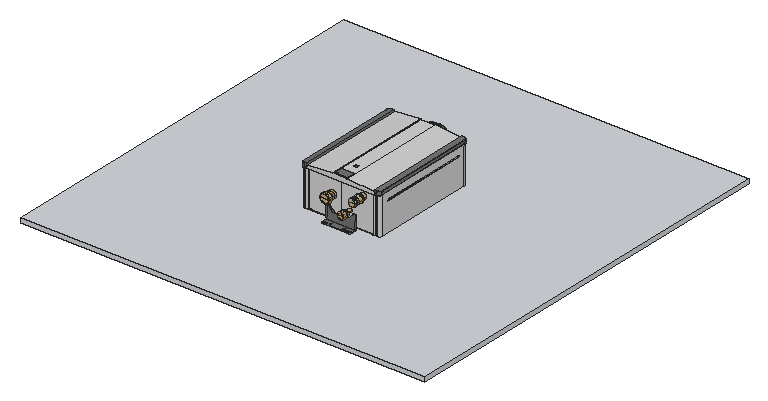
Revit family "Water_Heater-Rinnai-Ultra-Condensing-Tankless-RUCS65i", category Mechanical Equipment, host Face, Revit 2012
Parameters (values of type "Standard")
  Width = 18 1/2"  # constant formula
  Wattage = 89 W
  Warranty URL = ""
  Warranty = "Residential:Limited 12-year on heat exchanger, 5-year on parts, 1-year on labor"  # constant formula
  Voltage = 120 V
  Venting = "Direct Vent system 3-4\" configurations"
  Unit = Metal - Rinnai - Aluminum Frame - Painted White
  URL = "https://rinnai.us/"
  Temperature Settings = "120° - 140° F"  # constant formula
  Subcategory = "Tankless Water Heaters"  # constant formula
  Spec Sheet URL = "https://www.rinnai.us/documentation/downloads/RUCS65i_%28KCM2025FFU-US%29_SP.pdf"
  Product Page URL = "https://rinnai.us/water-heater/product/rucs65i-reu-kcm2025ffu-us"
  Noise Level Range = "47dB"  # constant formula
  Natural Gas = yes
  Model = "REU-KCM2025FFU-US"  # constant formula
  Max Amperage = 2.3 A
  Manufacturer Phone - Toll Free = "800-621-9419"  # constant formula
  Manufacturer Phone = "800-621-9419"  # constant formula
  Manufacturer Fax = "678-829-1666"  # constant formula
  Manufacturer Email = "mailto:engineering@rinnai.us"
  Manufacturer Address = "103 International Drive, Peachtree City, GA 30269"  # constant formula
  Manufacturer = "Rinnai America Corporation"  # constant formula
  Liquid Propane = yes
  Interference = Glass - Rinnai - Clear - Amber
  Installation URL = "https://www.rinnai.us/documentation/downloads/100000384.pdf"
  Installation Location = "Indoor only"  # constant formula
  Ignition System = "Direct electronic ignition"  # constant formula
  Hot Water Connection = "Hot Water Connector"  # constant formula
  Height = 26"  # constant formula
  Panel = Metal - Rinnai - Aluminum Frame - Painted White
  Gas Supply Pressure Min = "4\" (NG); 8\" (Propane)"
  Gas Supply Pressure Max = "10.5\" (NG); 13.5\" (Propane)"
  Gas Manifold Pressure Low Fire = "1.00\" (NG); 1.08\" (Propane)"
  Gas Manifold Pressure High Fire = "2.27\" (NG); 2.58\" (Propane)"
  Gas Input Rate = 130.0 Btu/h
  Gas Input Range = "10,300 - 130,000 BTU/h"  # constant formula
  Gas Connection = "Gas Connector"  # constant formula
  Frequency = 60 Hz
  Electrical Consumption Range = "Normal: 89 w, Standby: 1.3 w"  # constant formula
  Dry Weight = 57.30 lbf
  Description = "Tankless Water Heater"  # constant formula
  Depth = 10"  # constant formula
  Default Elevation = 48"
  Combustion Air = "Indoor"  # constant formula
  Combustibles = yes
  Cold Water Connection = "Cold Water Connector"  # constant formula
  Clearance for Top = 6"  # constant formula
  Clearance for Sides = 1/2"  # constant formula
  Clearance for Ground or Bottom = 12"  # constant formula
  Clearance for Front = 6"  # constant formula
  Cap = Metal - Rinnai - Aluminum - Polished Sliver
  Assembly Code = ""
  Applicable Altitude Range = "0 - 5400 ft (0 - 1646 m)"  # constant formula
  95 CSI = ""
  04 CSI = ""
Reference planes (in)
  plane 1 "Center (Front/Back)": y = 0
  plane 2: z = 0
  plane 3 "Center (Left/Right)": x = 0
  plane 4: y = 13
  plane 5: y = -13
  plane 6: x = -9.25
  plane 7: x = 9.25
  plane 8: z = 10.5501
  plane 9: z = 0.5501
  plane 10: y = -12.67027
Forms (in)
  Extrusion 1, solid
    sketch origin (0, 0, 0) x (1, 0, 0) y (0, 1, 0)
      loop
        line (-48, 48) -> (-48, -48) -> (48, -48) -> (48, 48) -> (-48, 48)
    from 0 to -1
  Sweep 2, solid, material "Glass - Rinnai - Clear - Amber" <- "Interference", not visible
    path origin (0, 0, 0) x (1, 0, 0) y (0, 1, 0)
      loop
        line (0, 19) -> (0, -25)
    profile origin (0, -3, 0) x (1, 0, 0) y (0, 0, 1)
      loop
        line (11.25, 16.72205) -> (-11.25, 16.72205) -> (-11.25, 0) -> (11.25, 0) -> (11.25, 16.72205)
Dimensions and locks (in)
  equal spacing: plane 6, plane 3 "Center (Left/Right)", plane 7
  "Width": plane 6 to plane 7
  equal spacing: plane 4, plane 1 "Center (Front/Back)", plane 5
  "Height": plane 4 to plane 5
  locked: level to plane 9 at 0.5501
  "Depth": plane 9 to plane 8
  aligned and locked: plane 2 to Extrusion 1
  aligned and locked: level to Extrusion 1
  aligned and locked: Sweep 2 sketch curve to plane 3 "Center (Left/Right)"
  aligned and locked: Sweep 2 sketch curve to Extrusion 1
  aligned and locked: plane 4 to nested 1
  aligned and locked: nested 1 to plane 2
  aligned and locked: nested 2 to plane 10
Automatic sketch dimensions
  Extrusion 1 sketch curve to Extrusion 1 sketch curve = 96"  (x2)
  plane 4 to Sweep 2 sketch curve = 6"
  plane 5 to Sweep 2 sketch curve = 12"
  profile plane to Sweep 2 sketch curve = 11 1/4"
  Sweep 2 sketch curve to profile plane = 11 1/4"
  Sweep 2 sketch curve to Sweep 2 sketch curve = 16.72205"
Nested families (in)
  nested 1: "Water Heater" at (-0.01433, 0.15, 0.59055), type "RUCS65i"
  nested 2: "Pipes" at (0.375, -14.00885, 0), type "Pipes"
Connectors (in)
  piping at (5.07663, -15.93915, 7.82256), driven by "Gas Connection"
    settings: on nested 2, index 1, connector radius 83/128", flow factor 0, pipe flow 0.00 GPM, pressure drop 0.00 psi, fitting loss kfactor 0, connector angle 0.00°, fixture units 0, engagement length 0", flow configuration 0, flow direction 1, fitting loss method 0, system type 7, joint type 0, gender type 0, connector reference index -1, connector utility 1, adjustable connector no, is connector primary yes, fitting loss table "", connector description "Gas Connector"
  piping at (-2.19504, -14.95475, 5.73209), driven by "Cold Water Connection"
    settings: on nested 2, index 2, connector radius 247/256", flow factor 0, pipe flow 0.00 GPM, pressure drop 0.00 psi, fitting loss kfactor 0, connector angle 0.00°, fixture units 0, engagement length 0", flow configuration 0, flow direction 2, fitting loss method 0, system type 20, joint type 0, gender type 0, connector reference index -1, connector utility 1, adjustable connector no, is connector primary no, fitting loss table "", connector description "Cold Water Connector"
  piping at (2.02329, -15.52897, 3.75493), driven by "Hot Water Connection"
    settings: on nested 2, index 3, connector radius 173/256", flow factor 0, pipe flow 0.00 GPM, pressure drop 0.00 psi, fitting loss kfactor 0, connector angle 0.00°, fixture units 0, engagement length 0", flow configuration 0, flow direction 2, fitting loss method 0, system type 19, joint type 0, gender type 0, connector reference index -1, connector utility 1, adjustable connector no, is connector primary no, fitting loss table "", connector description "Hot Water Connector"
  piping at (-0.02414, 16.39706, 6.6882), driven by "Cold Water Connection"
    settings: on nested 1, index 4, connector radius 2", flow factor 0, pipe flow 0.00 GPM, pressure drop 0.00 psi, fitting loss kfactor 0, connector angle 0.00°, fixture units 0, engagement length 0", flow configuration 0, flow direction 1, fitting loss method 0, system type 20, joint type 0, gender type 0, connector reference index -1, connector utility 1, adjustable connector no, is connector primary no, fitting loss table "", connector description "Cold Water Connector"
Definition of nested family "Water Heater"
  Parameters (values of type "RUC98i")
    Unit = Metal - Rinnai - Aluminum Frame - Painted White
    Door = Metal - Rinnai - Aluminum - Polished Sliver
    Display = Metal - Rinnai - Aluminum Frame - Painted White
    Default Elevation = 48"
    Clamp = Metal - Rinnai - Aluminum Frame - Painted White
  Reference planes (in)
    plane 1 "Center (Front/Back)": y = 0
    plane 2: z = 0
    plane 3 "Center (Left/Right)": x = 0
    plane 4: y = 12.85
    plane 5: x = -9.25
    plane 6: x = 9.25
    plane 7: z = 10.1
    plane 8: z = 8.75945
    plane 9: z = -0.20842
    plane 10: z = 3.97008
    plane 11: x = 4.33
    plane 12: x = 1.17
    plane 13: z = 1.61008
    plane 14: x = -2.89
    plane 15: z = 3.20008
    plane 16: y = 15.52
    plane 17: x = 0
    plane 18: x = 5.09845
    plane 19: z = 7.0748
    plane 20: z = 2.99213
    plane 21: x = 2.10239
    plane 22: z = 5.00787
    plane 23: x = -2.12399
    plane 24: z = -0.59055
    plane 25: z = -0.15205
    plane 26: z = -0.59055
    plane 27: z = 2.71654
    plane 28: x = -3.49407
    plane 29: x = 3.46656
    plane 30: x = -3.49407
    plane 31: x = 3.46656
    plane 32: y = -13.15
    plane 33: z = 9.95876
  Forms (in)
    Extrusion 1, solid, material "Metal - Rinnai - Aluminum Frame - Painted White" <- "Unit", detail levels medium+fine
      sketch origin (0, 0, 0) x (1, 0, 0) y (0, 1, 0)
        loop
          arc (-8.5, 12.72578) -> (-9.03033, 12.50611) -> (-9.25, 11.97578) r 0.75
          line (-9.25, 11.97578) -> (-9.25, -12.07027)
          arc (-9.25, -12.07027) -> (-9.03033, -12.6006) -> (-8.5, -12.82027) r 0.75
          line (-8.5, -12.82027) -> (-7.75409, -12.82027)
          arc (-7.75409, -12.82027) -> (-7.72259, -12.78878) -> (-7.75409, -12.75728) r 0.0315
          line (-7.75409, -12.75728) -> (-8.33874, -12.75728)
          arc (-8.33874, -12.75728) -> (-8.86907, -12.53761) -> (-9.08874, -12.00728) r 0.75
          line (-9.08874, -12.00728) -> (-9.08874, 11.87342)
          arc (-9.08874, 11.87342) -> (-8.86907, 12.40375) -> (-8.33874, 12.62342) r 0.75
          line (-8.33874, 12.62342) -> (8.33874, 12.62342)
          arc (8.33874, 12.62342) -> (8.86907, 12.40375) -> (9.08874, 11.87342) r 0.75
          line (9.08874, 11.87342) -> (9.08874, -12.00728)
          arc (9.08874, -12.00728) -> (8.86907, -12.53761) -> (8.33874, -12.75728) r 0.75
          line (8.33874, -12.75728) -> (7.75409, -12.75728)
          arc (7.75409, -12.75728) -> (7.72259, -12.78878) -> (7.75409, -12.82027) r 0.0315
          line (7.75409, -12.82027) -> (8.5, -12.82027)
          arc (8.5, -12.82027) -> (9.03033, -12.6006) -> (9.25, -12.07027) r 0.75
          line (9.25, -12.07027) -> (9.25, 11.97578)
          arc (9.25, 11.97578) -> (9.03033, 12.50611) -> (8.5, 12.72578) r 0.75
          line (8.5, 12.72578) -> (-8.5, 12.72578)
      from -0.04045 to 8.98484
    Extrusion 2, solid, material "Metal - Rinnai - Aluminum Frame - Painted White" <- "Unit", detail levels medium+fine
      sketch origin (0, 0, 0) x (1, 0, 0) y (0, 1, 0)
        loop
          arc (-7.94561, -12.71791) -> (-7.96958, -12.73044) -> (-7.97296, -12.75728) r 0.02918
          line (-7.97296, -12.75728) -> (0.00974, -12.75728) -> (7.97296, -12.75728)
          arc (7.97296, -12.75728) -> (7.96958, -12.73044) -> (7.94561, -12.71791) r 0.02918
          line (7.94561, -12.71791) -> (-0.00497, -12.71791) -> (-7.94561, -12.71791)
      from 0 to 8.75945
    Sweep 3, solid, material "Metal - Rinnai - Aluminum Frame - Painted White" <- "Unit", detail levels medium+fine
      path origin (-19.30772, -180, -0.04045) x (-1, 0, 0) y (0, -1, 0)
        loop
          line (-27.06181, -167.17973) -> (-27.80772, -167.17973)
          arc (-27.80772, -167.17973) -> (-28.33805, -167.3994) -> (-28.55772, -167.92973) r 0.75
          line (-28.55772, -167.92973) -> (-28.55772, -191.97578)
          arc (-28.55772, -191.97578) -> (-28.33805, -192.50611) -> (-27.80772, -192.72578) r 0.75
          line (-27.80772, -192.72578) -> (-10.80772, -192.72578)
          arc (-10.80772, -192.72578) -> (-10.27739, -192.50611) -> (-10.05772, -191.97578) r 0.75
          line (-10.05772, -191.97578) -> (-10.05772, -167.92973)
          arc (-10.05772, -167.92973) -> (-10.27739, -167.3994) -> (-10.80772, -167.17973) r 0.75
          line (-10.80772, -167.17973) -> (-11.55363, -167.17973)
      profile origin (8.12705, -12.82027, -0.04045) x (0, 1, 0) y (0, 0, 1)
        loop
          arc (0, 0.0315) -> (0.00922, 0.00922) -> (0.0315, 0) r 0.0315
          line (0.0315, 0) -> (0.0315, 0.0315) -> (0, 0.0315)
    Extrusion 4, void, detail levels medium+fine
      sketch origin (0, 0, 0.23337) x (1, 0, 0) y (0, 0, 1)
        loop
          line (9.53125, 10.9934) -> (-9.53125, 10.9934) -> (-9.53125, 8.72022) -> (-8.09256, 8.72022) -> (-8.09256, 9.1595)
          arc (-8.09256, 9.1595) -> (-4.06175, 9.66364) -> (0, 9.72539) r 37.20967
          arc (0, 9.72539) -> (4.06175, 9.66364) -> (8.09256, 9.1595) r 37.20967
          line (8.09256, 9.1595) -> (8.09256, 8.72022) -> (9.53125, 8.72022) -> (9.53125, 10.9934)
      from -15.04938 to 15.10382
    Extrusion 5, solid, material "Metal - Rinnai - Aluminum Frame - Painted White" <- "Display", detail levels medium+fine
      sketch origin (0, 0, 0) x (1, 0, 0) y (0, 1, 0)
        loop
          line (8.58208, 12.85) -> (-8.63521, 12.85)
          arc (-8.63521, 12.85) -> (-9.06993, 12.66993) -> (-9.25, 12.23521) r 0.61479
          line (-9.25, 12.23521) -> (-9.25, -12.55655)
          arc (-9.25, -12.55655) -> (-9.07618, -12.97618) -> (-8.65655, -13.15) r 0.59345
          line (-8.65655, -13.15) -> (8.56688, -13.15)
          arc (8.56688, -13.15) -> (9.04992, -12.94992) -> (9.25, -12.46688) r 0.68312
          line (9.25, -12.46688) -> (9.25, 12.18208)
          arc (9.25, 12.18208) -> (9.05437, 12.65437) -> (8.58208, 12.85) r 0.66792
      from 8.75945 to 10.8032
    Extrusion 6, solid, material "Metal - Rinnai - Aluminum - Polished Sliver" <- "Door", detail levels medium+fine
      sketch origin (0, 0, 0) x (1, 0, 0) y (0, 1, 0)
        loop
          arc (-8.52756, 12.84217) -> (-9.05789, 12.6225) -> (-9.27756, 12.09217) r 0.75
          line (-9.27756, 12.09217) -> (-9.27756, -12.4)
          arc (-9.27756, -12.4) -> (-9.05789, -12.93033) -> (-8.52756, -13.15) r 0.75
          line (-8.52756, -13.15) -> (-8.09256, -13.15) -> (-8.09256, 12.84217) -> (-8.52756, 12.84217)
        loop
          line (8.52756, 12.84217) -> (8.09256, 12.84217) -> (8.09256, -13.15) -> (8.52756, -13.15)
          arc (8.52756, -13.15) -> (9.05789, -12.93033) -> (9.27756, -12.4) r 0.75
          line (9.27756, -12.4) -> (9.27756, 12.09217)
          arc (9.27756, 12.09217) -> (9.05789, 12.6225) -> (8.52756, 12.84217) r 0.75
      from 8.95359 to 9.96783
    Extrusion 7, solid, material "Metal - Rinnai - Aluminum Frame - Painted White" <- "Unit", detail levels coarse
      sketch origin (0, 0, 0) x (1, 0, 0) y (0, 1, 0)
        loop
          line (9.25, -14.56214) -> (9.25, 16.24706) -> (-9.25, 16.24706) -> (-9.25, -14.56214) -> (9.25, -14.56214)
      from -0.59055 to 9.95876
    Extrusion 8, solid, material "Metal - Rinnai - Aluminum Frame - Painted White" <- "Unit", detail levels medium+fine
      sketch origin (0, 0, 0) x (1, 0, 0) y (0, 1, 0)
        loop
          arc (-7.94561, -12.71791) -> (-7.96958, -12.73044) -> (-7.97296, -12.75728) r 0.02918
          line (-7.97296, -12.75728) -> (0.00974, -12.75728) -> (7.97296, -12.75728)
          arc (7.97296, -12.75728) -> (7.96958, -12.73044) -> (7.94561, -12.71791) r 0.02918
          line (7.94561, -12.71791) -> (-0.00497, -12.71791) -> (-7.94561, -12.71791)
      from 0 to 8.75945
    Extrusion 9, void
      sketch origin (0, 0, 0.15514) x (1, 0, 0) y (0, 0, 1)
        loop
          arc (1.60849, 9.74656) -> (1.69001, 9.75729) -> (1.76597, 9.78875) r 0.31496
          line (1.76597, 9.78875) -> (2.03915, 9.94647)
          arc (2.03915, 9.94647) -> (2.1341, 9.9858) -> (2.236, 9.99922) r 0.3937
          line (2.236, 9.99922) -> (2.236, 10.43872) -> (-2.23606, 10.43872) -> (-2.23606, 9.99922)
          arc (-2.23606, 9.99922) -> (-2.13416, 9.9858) -> (-2.0392, 9.94647) r 0.3937
          line (-2.0392, 9.94647) -> (-1.76603, 9.78875)
          arc (-1.76603, 9.78875) -> (-1.69007, 9.75729) -> (-1.60855, 9.74656) r 0.31496
          line (-1.60855, 9.74656) -> (1.60849, 9.74656)
      from -14.53617 to 14.5778
    Extrusion 10, solid, material "Metal - Rinnai - Aluminum Frame - Painted White" <- "Unit", detail levels medium+fine
      sketch origin (0, 0, 0) x (1, 0, 0) y (0, 1, 0)
        loop
          arc (-9.08874, -12.00728) -> (-8.86907, -12.53761) -> (-8.33874, -12.75728) r 0.75
          line (-8.33874, -12.75728) -> (-7.75409, -12.75728) -> (8.33874, -12.75728)
          arc (8.33874, -12.75728) -> (8.86907, -12.53761) -> (9.08874, -12.00728) r 0.75
          line (9.08874, -12.00728) -> (9.08874, 11.87342)
          arc (9.08874, 11.87342) -> (8.86907, 12.40375) -> (8.33874, 12.62342) r 0.75
          line (8.33874, 12.62342) -> (-8.33874, 12.62342)
          arc (-8.33874, 12.62342) -> (-8.86907, 12.40375) -> (-9.08874, 11.87342) r 0.75
          line (-9.08874, 11.87342) -> (-9.08874, -12.00728)
      from -0.01923 to 0
    Revolve 11, void
      sketch origin (9.3125, 0, 0) x (0, 1, 0) y (0, 0, 1)
        loop
          arc (10.67775, 6.82414) -> (10.62581, 6.97256) -> (10.48169, 7.03543) r 0.19661
          line (10.48169, 7.03543) -> (-10.77815, 7.03543)
          arc (-10.77815, 7.03543) -> (-10.92236, 6.97257) -> (-10.97447, 6.82414) r 0.19685
          line (-10.97447, 6.82414) -> (10.67775, 6.82414)
        axis (-10.97447, 6.82414) -> (10.67775, 6.82414)
      angle from 180 to -180
    Revolve 12, void
      sketch origin (-9.3125, 0, 0) x (0, 1, 0) y (0, 0, -1)
        loop
          line (10.67775, -6.82414) -> (-10.97447, -6.82414)
          arc (-10.97447, -6.82414) -> (-10.92236, -6.97257) -> (-10.77815, -7.03543) r 0.19685
          line (-10.77815, -7.03543) -> (10.48169, -7.03543)
          arc (10.48169, -7.03543) -> (10.62581, -6.97256) -> (10.67775, -6.82414) r 0.19661
        axis (-10.97447, -6.82414) -> (10.67775, -6.82414)
      angle from 180 to -180
    Extrusion 13, void
      sketch origin (0, 0, 0) x (1, 0, 0) y (0, 0, 1)
        loop
          line (8.09256, 9.80952) -> (8.09256, 8.95359) -> (9.26381, 8.95359) -> (9.26381, 9.56753)
          arc (9.26381, 9.56753) -> (9.24465, 9.61941) -> (9.19638, 9.64641) r 0.07985
          arc (9.19638, 9.64641) -> (8.64485, 9.73057) -> (8.09256, 9.80952) r 59.05511
        loop
          line (7.89256, 10.28429) -> (7.89256, 8.78484) -> (9.46381, 8.78484) -> (9.46381, 10.28429) -> (7.89256, 10.28429)
        loop
          arc (-8.09256, 9.81284) -> (-8.65523, 9.7325) -> (-9.21711, 9.64675) r 59.05517
          arc (-9.21711, 9.64675) -> (-9.26586, 9.61948) -> (-9.28521, 9.56708) r 0.08065
          line (-9.28521, 9.56708) -> (-9.28521, 8.95359) -> (-8.09256, 8.95359) -> (-8.09256, 9.81284)
        loop
          line (-7.9166, 10.28429) -> (-9.48785, 10.28429) -> (-9.48785, 8.78484) -> (-7.9166, 8.78484) -> (-7.9166, 10.28429)
      from -13.68838 to 17.90298
    Sweep 14, solid, material "Metal - Rinnai - Aluminum - Polished Sliver" <- "Door", detail levels medium+fine
      path origin (-13.16941, 14.83211, 50.52353) x (-1, 0, 0) y (0, 0, 1)
        loop
          circle (-13.15378, -44.53915) r 2.53
      profile origin (-0.01562, 14.83211, 3.45438) x (0, 0, -1) y (0, 1, 0)
        loop
          line (0.37891, -0.23622) -> (0.37891, -0.03937) -> (0.33954, 0) -> (0.16569, 0) -> (0.16569, -0.33502)
          arc (0.16569, -0.33502) -> (0.14814, -0.35064) -> (0.13195, -0.36767) r 0.2815
          arc (0.13195, -0.36767) -> (0.11933, -0.38713) -> (0.11491, -0.4099) r 0.06083
          line (0.11491, -0.4099) -> (0.11491, -1.95032) -> (-1.17806, -1.95032) -> (-1.17806, -0.4879)
          arc (-1.17806, -0.4879) -> (-1.06496, -0.34731) -> (-1.16611, -0.1979) r 0.15183
          line (-1.16611, -0.1979) -> (-0.96822, 0) -> (-1.21033, 0) -> (-1.21033, -1.98252) -> (0.34038, -1.98252)
          arc (0.34038, -1.98252) -> (0.31582, -1.95579) -> (0.30691, -1.9206) r 0.07401
          line (0.30691, -1.9206) -> (0.30691, -1.79773)
          arc (0.30691, -1.79773) -> (0.30167, -1.77782) -> (0.28731, -1.76308) r 0.04042
          line (0.28731, -1.76308) -> (0.1536, -1.68273)
          arc (0.1536, -1.68273) -> (0.1399, -1.66867) -> (0.13491, -1.6497) r 0.03854
          line (0.13491, -1.6497) -> (0.13491, -0.4099)
          arc (0.13491, -0.4099) -> (0.13796, -0.3944) -> (0.14666, -0.38123) r 0.04083
          arc (0.14666, -0.38123) -> (0.15771, -0.36931) -> (0.16948, -0.35809) r 0.2615
          arc (0.16948, -0.35809) -> (0.18137, -0.34116) -> (0.18569, -0.32093) r 0.05188
          line (0.18569, -0.32093) -> (0.18569, -0.23622) -> (0.37891, -0.23622)
    Extrusion 15, solid, material "Metal - Rinnai - Aluminum - Polished Sliver" <- "Door", detail levels medium+fine
      sketch origin (0, 0, 0.5625) x (1, 0, 0) y (0, 0, 1)
        loop
          circle (-0.01562, 5.48437) r 2.76047
      from -14.79274 to -12.85
    Revolve 16, solid, material "Metal - Rinnai - Aluminum - Polished Sliver" <- "Door", detail levels medium+fine
      sketch origin (0, 0, 6.09765) x (1, 0, 0) y (0, 1, 0)
        loop
          line (-1.83176, 16.24706) -> (-1.98816, 16.24706) -> (-1.98816, 14.94785) -> (-2.76607, 14.94785) -> (-2.76607, 14.86911) -> (-2.73103, 14.86911) -> (-2.73103, 14.83211) -> (-1.83176, 14.83211) -> (-1.83176, 16.24706)
        axis (-0.00981, 16.24706) -> (-0.00981, 14.83211)
      angle from 0 to 360
    Revolve 17, solid, material "Metal - Rinnai - Aluminum - Polished Sliver" <- "Door", detail levels medium+fine
      sketch origin (0, 0, 6.125) x (1, 0, 0) y (0, 1, 0)
        loop
          line (-5.91926, 14.07835) -> (-7.98619, 14.07835) -> (-7.98619, 13.99961) -> (-7.89841, 13.99961) -> (-7.89841, 13.01817) -> (-5.91926, 13.01817) -> (-5.91926, 14.07835)
        axis (-5.91926, 14.07835) -> (-5.91926, 13.01817)
      angle from 0 to 360
    Extrusion 18, solid, material "Metal - Rinnai - Aluminum - Polished Sliver" <- "Door", detail levels medium+fine
      sketch origin (0, 0, 0) x (1, 0, 0) y (0, 0, 1)
        loop
          line (-4.80706, 8.4142) -> (-7.03147, 8.4142)
          arc (-7.03147, 8.4142) -> (-7.91535, 8.04808) -> (-8.28147, 7.1642) r 1.25
          line (-8.28147, 7.1642) -> (-8.28147, 4.93979)
          arc (-8.28147, 4.93979) -> (-7.91535, 4.05591) -> (-7.03147, 3.68979) r 1.25
          line (-7.03147, 3.68979) -> (-4.80706, 3.68979)
          arc (-4.80706, 3.68979) -> (-3.92318, 4.05591) -> (-3.55706, 4.93979) r 1.25
          line (-3.55706, 4.93979) -> (-3.55706, 7.1642)
          arc (-3.55706, 7.1642) -> (-3.92318, 8.04808) -> (-4.80706, 8.4142) r 1.25
      from -13.01929 to -12.85
    Extrusion 19, solid, material "Metal - Rinnai - Aluminum - Polished Sliver" <- "Door", detail levels medium+fine
      sketch origin (0, 0, 0) x (1, 0, 0) y (0, 0, 1)
        loop
          arc (-1.21257, 9.00081) -> (-2.45001, 8.48825) -> (-2.96257, 7.25081) r 1.75
          line (-2.96257, 7.25081) -> (-2.96257, 4.8453)
          arc (-2.96257, 4.8453) -> (-2.45001, 3.60786) -> (-1.21257, 3.0953) r 1.75
          line (-1.21257, 3.0953) -> (1.19294, 3.0953)
          arc (1.19294, 3.0953) -> (2.43038, 3.60786) -> (2.94294, 4.8453) r 1.75
          line (2.94294, 4.8453) -> (2.94294, 7.25081)
          arc (2.94294, 7.25081) -> (2.43038, 8.48825) -> (1.19294, 9.00081) r 1.75
          line (1.19294, 9.00081) -> (-1.21257, 9.00081)
      from -13.07589 to -12.85
    Extrusion 20, solid, material "Metal - Rinnai - Aluminum - Polished Sliver" <- "Door", detail levels fine
      sketch origin (0, 0, -0.38213) x (1, 0, 0) y (0, 1, 0)
        loop
          arc (3.16143, -14.56214) -> (3.37644, -14.47309) -> (3.4655, -14.25808) r 0.30406
          line (3.4655, -14.25808) -> (3.4655, -12.96102) -> (-3.49587, -12.96102) -> (-3.49587, -14.26214)
          arc (-3.49587, -14.26214) -> (-3.408, -14.47428) -> (-3.19587, -14.56214) r 0.3
          line (-3.19587, -14.56214) -> (3.16143, -14.56214)
        loop
          circle (-1.59298, -13.97618) r 0.25
        loop
          circle (1.5508, -13.97618) r 0.25
        loop
          line (-2.3676, -14.17829) -> (-2.78179, -14.17829)
          arc (-2.78179, -14.17829) -> (-2.88969, -14.28619) -> (-2.78179, -14.3941) r 0.10791
          line (-2.78179, -14.3941) -> (-2.3676, -14.3941)
          arc (-2.3676, -14.3941) -> (-2.2597, -14.28619) -> (-2.3676, -14.17829) r 0.10791
        loop
          line (2.75077, -14.17829) -> (2.33658, -14.17829)
          arc (2.33658, -14.17829) -> (2.22868, -14.28619) -> (2.33658, -14.3941) r 0.10791
          line (2.33658, -14.3941) -> (2.75077, -14.3941)
          arc (2.75077, -14.3941) -> (2.85867, -14.28619) -> (2.75077, -14.17829) r 0.10791
        loop
          line (-3.27923, -14.1083) -> (-3.27923, -14.18773)
          arc (-3.27923, -14.18773) -> (-3.16209, -14.30487) -> (-3.04495, -14.18773) r 0.11714
          line (-3.04495, -14.18773) -> (-3.04495, -14.1083)
          arc (-3.04495, -14.1083) -> (-3.16209, -13.99116) -> (-3.27923, -14.1083) r 0.11714
        loop
          line (3.01764, -14.1083) -> (3.01764, -14.18773)
          arc (3.01764, -14.18773) -> (3.13478, -14.30487) -> (3.25192, -14.18773) r 0.11714
          line (3.25192, -14.18773) -> (3.25192, -14.1083)
          arc (3.25192, -14.1083) -> (3.13478, -13.99116) -> (3.01764, -14.1083) r 0.11714
      from -0.20842 to -0.15205
    Extrusion 21, solid, material "Metal - Rinnai - Aluminum - Polished Sliver" <- "Door", detail levels fine
      sketch origin (0, 0, -0.38213) x (1, 0, 0) y (0, 0, 1)
        loop
          line (-3.49407, 2.92296) -> (-3.49407, -0.15205) -> (3.46656, -0.15205) -> (3.46656, 2.92867)
          arc (3.46656, 2.92867) -> (3.4351, 3.00463) -> (3.35914, 3.03609) r 0.10742
          line (3.35914, 3.03609) -> (2.88285, 3.03609)
          arc (2.88285, 3.03609) -> (2.78786, 3.01065) -> (2.71831, 2.94112) r 0.19
          arc (2.71831, 2.94112) -> (-0.01202, 1.36468) -> (-2.74289, 2.94019) r 3.15356
          arc (-2.74289, 2.94019) -> (-2.81314, 3.0104) -> (-2.90908, 3.03609) r 0.19195
          line (-2.90908, 3.03609) -> (-3.38094, 3.03609)
          arc (-3.38094, 3.03609) -> (-3.46093, 3.00296) -> (-3.49407, 2.92296) r 0.11313
      from 12.81977 to 12.96102
    Extrusion 22, solid, material "Metal - Rinnai - Aluminum - Polished Sliver" <- "Door", detail levels fine
      sketch origin (0, 0, -0.38213) x (0, 1, 0) y (0, 0, 1)
        loop
          line (-12.89803, 0.24165) -> (-12.89803, 1.71409) -> (-13.05411, 1.71409)
          arc (-13.05411, 1.71409) -> (-13.13862, 1.67908) -> (-13.17362, 1.59457) r 0.11952
          line (-13.17362, 1.59457) -> (-13.17362, 0.36212)
          arc (-13.17362, 0.36212) -> (-13.13834, 0.27693) -> (-13.05315, 0.24165) r 0.12047
          line (-13.05315, 0.24165) -> (-12.89803, 0.24165)
      from 3.46656 to 3.52956
    Extrusion 23, solid, material "Metal - Rinnai - Aluminum - Polished Sliver" <- "Door", detail levels fine
      sketch origin (0, 0, -0.38213) x (0, 1, 0) y (0, 0, 1)
        loop
          line (-12.89803, 0.24165) -> (-12.89803, 2.74304) -> (-13.05362, 2.74304)
          arc (-13.05362, 2.74304) -> (-13.13847, 2.7079) -> (-13.17362, 2.62304) r 0.12
          line (-13.17362, 2.62304) -> (-13.17362, 0.36212)
          arc (-13.17362, 0.36212) -> (-13.13834, 0.27693) -> (-13.05315, 0.24165) r 0.12047
          line (-13.05315, 0.24165) -> (-12.89803, 0.24165)
      from -3.55706 to -3.49407
    Extrusion 24, solid, material "Metal - Rinnai - Aluminum - Polished Sliver" <- "Door", detail levels fine
      sketch origin (0, -0.07813, -0.38213) x (1, 0, 0) y (0, 1, 0)
        loop
          line (3.16143, 14.27598) -> (-3.19587, 14.27598)
          arc (-3.19587, 14.27598) -> (-3.408, 14.18812) -> (-3.49587, 13.97598) r 0.3
          line (-3.49587, 13.97598) -> (-3.49587, 12.80391) -> (3.4655, 12.80391) -> (3.4655, 13.97192)
          arc (3.4655, 13.97192) -> (3.37644, 14.18693) -> (3.16143, 14.27598) r 0.30406
        loop
          circle (-1.59298, 13.69002) r 0.25
        loop
          circle (1.5508, 13.69002) r 0.25
        loop
          arc (-2.3676, 13.89213) -> (-2.2597, 14.00003) -> (-2.3676, 14.10794) r 0.10791
          line (-2.3676, 14.10794) -> (-2.78179, 14.10794)
          arc (-2.78179, 14.10794) -> (-2.88969, 14.00003) -> (-2.78179, 13.89213) r 0.10791
          line (-2.78179, 13.89213) -> (-2.3676, 13.89213)
        loop
          arc (2.75077, 13.89213) -> (2.85867, 14.00003) -> (2.75077, 14.10794) r 0.10791
          line (2.75077, 14.10794) -> (2.33658, 14.10794)
          arc (2.33658, 14.10794) -> (2.22868, 14.00003) -> (2.33658, 13.89213) r 0.10791
          line (2.33658, 13.89213) -> (2.75077, 13.89213)
        loop
          arc (-3.27923, 13.82214) -> (-3.16209, 13.705) -> (-3.04495, 13.82214) r 0.11714
          line (-3.04495, 13.82214) -> (-3.04495, 13.90157)
          arc (-3.04495, 13.90157) -> (-3.16209, 14.01871) -> (-3.27923, 13.90157) r 0.11714
          line (-3.27923, 13.90157) -> (-3.27923, 13.82214)
        loop
          arc (3.01764, 13.82214) -> (3.13478, 13.705) -> (3.25192, 13.82214) r 0.11714
          line (3.25192, 13.82214) -> (3.25192, 13.90157)
          arc (3.25192, 13.90157) -> (3.13478, 14.01871) -> (3.01764, 13.90157) r 0.11714
          line (3.01764, 13.90157) -> (3.01764, 13.82214)
      from -0.20842 to -0.15205
    Extrusion 25, solid, material "Metal - Rinnai - Aluminum - Polished Sliver" <- "Door", detail levels fine
      sketch origin (0, -0.07813, -0.38213) x (1, 0, 0) y (0, 0, -1)
        loop
          arc (-3.49407, -2.92296) -> (-3.46093, -3.00296) -> (-3.38094, -3.03609) r 0.11313
          line (-3.38094, -3.03609) -> (-2.90908, -3.03609)
          arc (-2.90908, -3.03609) -> (-2.81314, -3.0104) -> (-2.74289, -2.94019) r 0.19195
          arc (-2.74289, -2.94019) -> (-0.01202, -1.36468) -> (2.71831, -2.94112) r 3.15356
          arc (2.71831, -2.94112) -> (2.78786, -3.01065) -> (2.88285, -3.03609) r 0.19
          line (2.88285, -3.03609) -> (3.35914, -3.03609)
          arc (3.35914, -3.03609) -> (3.4351, -3.00463) -> (3.46656, -2.92867) r 0.10742
          line (3.46656, -2.92867) -> (3.46656, 0.15205) -> (-3.49407, 0.15205) -> (-3.49407, -2.92296)
      from 12.81977 to 12.96102
    Extrusion 26, solid, material "Metal - Rinnai - Aluminum - Polished Sliver" <- "Door", detail levels fine
      sketch origin (0, -0.07813, -0.38213) x (0, -1, 0) y (0, 0, -1)
        loop
          line (-12.89803, -0.24165) -> (-13.05315, -0.24165)
          arc (-13.05315, -0.24165) -> (-13.13834, -0.27693) -> (-13.17362, -0.36212) r 0.12047
          line (-13.17362, -0.36212) -> (-13.17362, -1.59457)
          arc (-13.17362, -1.59457) -> (-13.13862, -1.67908) -> (-13.05411, -1.71409) r 0.11952
          line (-13.05411, -1.71409) -> (-12.89803, -1.71409) -> (-12.89803, -0.24165)
      from 3.46656 to 3.52956
    Extrusion 27, solid, material "Metal - Rinnai - Aluminum - Polished Sliver" <- "Door", detail levels fine
      sketch origin (0, -0.07813, -0.38213) x (0, -1, 0) y (0, 0, -1)
        loop
          line (-12.89803, -0.24165) -> (-13.05315, -0.24165)
          arc (-13.05315, -0.24165) -> (-13.13834, -0.27693) -> (-13.17362, -0.36212) r 0.12047
          line (-13.17362, -0.36212) -> (-13.17362, -2.62304)
          arc (-13.17362, -2.62304) -> (-13.13847, -2.7079) -> (-13.05362, -2.74304) r 0.12
          line (-13.05362, -2.74304) -> (-12.89803, -2.74304) -> (-12.89803, -0.24165)
      from -3.55706 to -3.49407
    Extrusion 28, solid, material "Metal - Rinnai - Aluminum - Polished Sliver" <- "Door", detail levels fine
      sketch origin (0, 0, -0.19831) x (1, 0, 0) y (0, 1, 0)
        loop
          arc (-1.42723, -10.7438) -> (-1.46966, -10.76138) -> (-1.48723, -10.8038) r 0.06
          line (-1.48723, -10.8038) -> (-1.48723, -12.5588)
          arc (-1.48723, -12.5588) -> (-1.46966, -12.60123) -> (-1.42723, -12.6188) r 0.06
          line (-1.42723, -12.6188) -> (1.55033, -12.6188)
          arc (1.55033, -12.6188) -> (1.59275, -12.60123) -> (1.61033, -12.5588) r 0.06
          line (1.61033, -12.5588) -> (1.61033, -10.8038)
          arc (1.61033, -10.8038) -> (1.59275, -10.76138) -> (1.55033, -10.7438) r 0.06
          line (1.55033, -10.7438) -> (-1.42723, -10.7438)
      from 10.1 to 10.11749
    Extrusion 29, solid, material "Metal - Rinnai - Aluminum - Polished Sliver" <- "Door", detail levels fine
      sketch origin (0.00084, -0.00258, -0.19831) x (1, 0, 0) y (0, 1, 0)
        loop
          arc (-0.45191, -8.05945) -> (-0.47685, -8.06978) -> (-0.48718, -8.09472) r 0.03527
          line (-0.48718, -8.09472) -> (-0.48718, -8.55363)
          arc (-0.48718, -8.55363) -> (-0.47546, -8.58191) -> (-0.44718, -8.59363) r 0.04
          line (-0.44718, -8.59363) -> (0.37826, -8.59363)
          arc (0.37826, -8.59363) -> (0.40654, -8.58191) -> (0.41826, -8.55363) r 0.04
          line (0.41826, -8.55363) -> (0.41826, -8.09945)
          arc (0.41826, -8.09945) -> (0.40654, -8.07116) -> (0.37826, -8.05945) r 0.04
          line (0.37826, -8.05945) -> (-0.45191, -8.05945)
      from 10.11749 to 10.1
  Cuts and joins
    Extrusion 4, Extrusion 9 cuts Extrusion 5
    Extrusion 13 cuts Extrusion 6
    Revolve 11, Revolve 12 cuts Extrusion 1
    Revolve 11, Revolve 12 cuts Sweep 3
    Revolve 11, Revolve 12 cuts Extrusion 10
    joined: Extrusion 1, Sweep 3, Extrusion 10
  Lines and regions (in)
    Masking region 1, detail levels medium+fine
      outline origin (0, 0, 0) x (1, 0, 0) y (0, 1, 0)
        loop
          line (-1.98816, 16.24706) -> (-1.98816, 14.94785) -> (-2.76607, 14.94785) -> (-2.76607, 14.86911) -> (-2.73103, 14.86911) -> (-2.73103, 14.83211) -> (-2.88516, 14.83211) -> (-2.92453, 14.79274) -> (-2.92453, 14.59589) -> (-2.77584, 14.59589) -> (-2.77584, 13.10285) -> (-2.82252, 13.07589) -> (-2.96257, 13.07589) -> (-2.96257, 12.85) -> (-3.55706, 12.85) -> (-3.55706, 13.01929) -> (-3.94024, 13.01929) -> (-3.94024, 13.99961) -> (-3.85233, 13.99961) -> (-3.85233, 14.07835) -> (-7.98619, 14.07835) -> (-7.98619, 13.99961) -> (-7.89841, 13.99961) -> (-7.89841, 13.01817) -> (-8.28664, 13.01817) -> (-8.28664, 12.84217) -> (-8.52756, 12.84217)
          arc (-8.52756, 12.84217) -> (-9.00467, 12.67084) -> (-9.26381, 12.23514) r 0.75
          line (-9.26381, 12.23514) -> (-9.26381, -12.54296)
          arc (-9.26381, -12.54296) -> (-9.00467, -12.97867) -> (-8.52756, -13.15) r 0.75
          line (-8.52756, -13.15) -> (8.52756, -13.15)
          arc (8.52756, -13.15) -> (9.00467, -12.97867) -> (9.26381, -12.54296) r 0.75
          line (9.26381, -12.54296) -> (9.26381, 12.16566)
          arc (9.26381, 12.16566) -> (9.06337, 12.64956) -> (8.57946, 12.85) r 0.68434
          line (8.57946, 12.85) -> (2.94304, 12.85) -> (2.94304, 13.07589) -> (2.79127, 13.07589) -> (2.74459, 13.10285) -> (2.74459, 14.59589) -> (2.89328, 14.59589) -> (2.89328, 14.79274) -> (2.85391, 14.83211) -> (2.7115, 14.83211) -> (2.7115, 14.86911) -> (2.74654, 14.86911) -> (2.74654, 14.94785) -> (1.96863, 14.94785) -> (1.96863, 16.24706) -> (-1.98816, 16.24706)
    Masking region 2, detail levels coarse
      outline origin (0, 0, 0) x (1, 0, 0) y (0, 0, 1)
        loop
          line (9.25, 9.95876) -> (-9.25, 9.95876) -> (-9.25, -0.59055) -> (9.25, -0.59055) -> (9.25, 9.95876)
    Masking region 3, detail levels medium+fine
      outline origin (0, 0, 0) x (1, 0, 0) y (0, 0, 1)
        loop
          line (8.09256, 9.80952) -> (8.09256, 9.39287)
          arc (8.09256, 9.39287) -> (4.97809, 9.82155) -> (1.83855, 9.98579) r 37.20967
          line (1.83855, 9.98579) -> (1.76597, 9.94389)
          arc (1.76597, 9.94389) -> (1.69001, 9.91242) -> (1.60849, 9.90169) r 0.31496
          line (1.60849, 9.90169) -> (-1.60849, 9.90169)
          arc (-1.60849, 9.90169) -> (-1.69001, 9.91242) -> (-1.76597, 9.94389) r 0.31496
          line (-1.76597, 9.94389) -> (-1.83855, 9.98579)
          arc (-1.83855, 9.98579) -> (-4.97809, 9.82155) -> (-8.09256, 9.39287) r 37.20967
          line (-8.09256, 9.39287) -> (-8.09256, 9.80952)
          arc (-8.09256, 9.80952) -> (-8.64485, 9.73057) -> (-9.19638, 9.64641) r 59.05511
          arc (-9.19638, 9.64641) -> (-9.24465, 9.61941) -> (-9.26381, 9.56753) r 0.07985
          line (-9.26381, 9.56753) -> (-9.26381, 8.98484) -> (-8.72984, 8.98484) -> (-8.78397, 8.95359) -> (-9.25, 8.95359) -> (-9.25, -0.04045) -> (-3.55706, -0.04045) -> (-3.55706, -0.14048) -> (-3.49407, -0.14048) -> (-3.49407, -0.5884) -> (3.46744, -0.5884) -> (3.46744, -0.14019) -> (3.52876, -0.14019) -> (3.52876, -0.04046) -> (9.25046, -0.04046) -> (9.25046, 8.95359) -> (8.78397, 8.95359) -> (8.72984, 8.98484) -> (9.26381, 8.98484) -> (9.26381, 9.56753)
          arc (9.26381, 9.56753) -> (9.24465, 9.61941) -> (9.19638, 9.64641) r 0.07985
          arc (9.19638, 9.64641) -> (8.64485, 9.73057) -> (8.09256, 9.80952) r 59.05511
    Masking region 4, detail levels coarse
      outline origin (0, 0, 0) x (0, 1, 0) y (0, 0, 1)
        loop
          line (16.24706, 9.95876) -> (-14.56214, 9.95876) -> (-14.56214, -0.59055) -> (16.24706, -0.59055) -> (16.24706, 9.95876)
    Masking region 5, detail levels medium+fine
      outline origin (0, 0, 0) x (0, 1, 0) y (0, 0, 1)
        loop
          line (-13.55116, 9.95876) -> (-13.55116, 8.75945) -> (-12.81978, 8.75945) -> (-12.81978, -0.04124) -> (12.72712, -0.04124) -> (12.72712, 3.0953) -> (13.07589, 3.0953) -> (13.07589, 3.17619) -> (13.14382, 3.28489) -> (14.47402, 3.28489) -> (14.51118, 3.26869) -> (14.59589, 3.26869) -> (14.59589, 3.07547) -> (14.79274, 3.07547) -> (14.83211, 3.11484) -> (14.83211, 3.37643) -> (14.86911, 3.37643) -> (14.86911, 3.34139) -> (14.94785, 3.34139) -> (14.94785, 4.1193) -> (16.24706, 4.1193) -> (16.24706, 8.07599) -> (14.94785, 8.07599) -> (14.94785, 8.85391) -> (14.86911, 8.85391) -> (14.86911, 8.81886) -> (14.83211, 8.81886) -> (14.83211, 8.85391) -> (14.79274, 8.89328) -> (14.59589, 8.89328) -> (14.59589, 8.80762) -> (13.07589, 8.80762) -> (13.07589, 9.00081) -> (12.85, 9.00081) -> (12.85, 9.95876) -> (-13.55116, 9.95876)
    Masking region 6, detail levels coarse
      outline origin (0, 0, 0) x (1, 0, 0) y (0, 1, 0)
        loop
          line (9.25, 16.24706) -> (-9.25, 16.24706) -> (-9.25, -14.56214) -> (9.25, -14.56214) -> (9.25, 16.24706)
    symbolic lines, style "Water Heater", detail levels medium+fine
      curve 1: line (-8.33583, -13.15, 0) -> (-8.33583, 12.84217, 0)
      curve 2: line (8.33583, 12.84217, 0) -> (8.33583, -13.15, 0)
      curve 3: line (-2.23606, 12.85, 0) -> (-2.23606, -13.15, 0)
      curve 4: line (2.236, -13.15, 0) -> (2.236, 12.85, 0)
      curve 5: line (-7.89841, 13.99961, 0) -> (-3.94012, 13.99961, 0)
      curve 6: line (-7.89841, 13.01817, 0) -> (-3.94012, 13.01817, 0)
      curve 7: line (-1.98816, 14.94785, 0) -> (1.96853, 14.94785, 0)
      curve 8: line (-2.73103, 14.86911, 0) -> (2.7114, 14.86911, 0)
      curve 9: line (-2.73103, 14.83211, 0) -> (2.7114, 14.83211, 0)
      curve 10: line (-2.92453, 14.79274, 0) -> (2.89328, 14.79274, 0)
      curve 11: line (-2.78, 14.59589, 0) -> (2.74306, 14.59589, 0)
      curve 12: line (-2.81917, 13.07589, 0) -> (2.78816, 13.07589, 0)
      curve 13: line (-3.55706, 12.85, 0) -> (2.94294, 12.85, 0)
      curve 67: line (-8.72955, 0, 8.98501) -> (-8.09256, 0, 9.35278)
      curve 68: arc (-8.09256, 0, 9.50437) -> (-8.15825, 0, 9.55133) -> (-8.22104, 0, 9.60208) r 1.36561
      curve 69: arc (-8.22104, 0, 9.60208) -> (-8.24504, 0, 9.63988) -> (-8.24389, 0, 9.68465) r 0.07682
      curve 70: arc (-8.24389, 0, 9.68465) -> (-8.1703, 0, 9.6231) -> (-8.09256, 0, 9.56687) r 1.36561
      curve 71: line (-8.09256, 0, 9.35278) -> (-8.09256, 0, 9.56687)
      curve 72: arc (8.27098, 0, 9.70963) -> (8.2813, 0, 9.67474) -> (8.26549, 0, 9.64196) r 0.05052
      curve 73: line (8.09256, 0, 9.56687) -> (8.09256, 0, 9.35278)
      curve 74: line (8.09256, 0, 9.35278) -> (8.72984, 0, 8.98484)
      curve 75: arc (8.26549, 0, 9.64196) -> (8.18181, 0, 9.56966) -> (8.09256, 0, 9.50437) r 1.36561
      curve 76: arc (8.09256, 0, 9.56687) -> (8.18476, 0, 9.63451) -> (8.27098, 0, 9.70963) r 1.36561
      curve 77: line (-9.25, 0, 8.75945) -> (9.25, 0, 8.75945)
      curve 78: line (-7.72433, 0, 8.75945) -> (-7.72433, 0, -0.04045)
      curve 79: line (7.72206, 0, 8.75945) -> (7.72206, 0, -0.04045)
      curve 100: line (0, 14.94785, 8.07599) -> (0, 14.94785, 4.1193)
      curve 101: line (0, 14.86911, 8.81886) -> (0, 14.86911, 3.34139)
      curve 102: line (0, 14.83211, 3.37643) -> (0, 14.83211, 8.81886)
      curve 103: line (0, 14.79274, 8.89328) -> (0, 14.79274, 3.07547)
      curve 104: line (0, 14.59589, 8.81886) -> (0, 14.59589, 3.26869)
      curve 105: line (0, 14.07835, 6.125) -> (0, 14.07835, 4.05807)
      curve 106: line (0, 13.99961, 6.125) -> (0, 13.99961, 4.05807)
      curve 107: line (0, 14.07835, 4.05807) -> (0, 13.99961, 4.05807)
      curve 108: line (0, 13.99961, 4.1478) -> (0, 13.01929, 4.1478)
      curve 109: line (0, 14.07835, 8.19193) -> (0, 14.07835, 6.125)
      curve 110: line (0, 13.99961, 8.19193) -> (0, 13.99961, 6.125)
      curve 111: line (0, 14.07835, 8.19193) -> (0, 13.99961, 8.19193)
      curve 112: line (0, 13.99961, 8.10444) -> (0, 13.01929, 8.10444)
      curve 113: line (0, 13.07589, 8.81886) -> (0, 13.07589, 8.10444)
      curve 114: line (0, 12.85, 8.4142) -> (0, 13.01929, 8.4142)
      curve 115: line (0, 13.01929, 8.4142) -> (0, 13.01929, 3.68979)
      curve 116: line (0, 13.01929, 3.68979) -> (0, 12.85, 3.68979)
      curve 117: line (0, 13.07589, 4.1478) -> (0, 13.07589, 3.17448)
      curve 118: line (0, 12.85, 3.0953) -> (0, 12.85, 8.75945)
      curve 147: line (0, -13.55116, 8.75945) -> (0, 12.85, 8.75945)
    symbolic lines, style "Water Heater", detail levels fine
      curve 14: line (1.55033, -10.7438, 0) -> (-1.42723, -10.7438, 0)
      curve 15: arc (-1.42723, -10.7438, 0) -> (-1.46966, -10.76138, 0) -> (-1.48723, -10.8038, 0) r 0.06
      curve 16: line (-1.48723, -10.8038, 0) -> (-1.48723, -12.5588, 0)
      curve 17: arc (-1.48723, -12.5588, 0) -> (-1.46966, -12.60123, 0) -> (-1.42723, -12.6188, 0) r 0.06
      curve 18: line (-1.42723, -12.6188, 0) -> (1.55033, -12.6188, 0)
      curve 19: arc (1.55033, -12.6188, 0) -> (1.59275, -12.60123, 0) -> (1.61033, -12.5588, 0) r 0.06
      curve 20: line (1.61033, -12.5588, 0) -> (1.61033, -10.8038, 0)
      curve 21: arc (1.61033, -10.8038, 0) -> (1.59275, -10.76138, 0) -> (1.55033, -10.7438, 0) r 0.06
      curve 22: line (-3.19587, -14.56214, 0) -> (3.16143, -14.56214, 0)
      curve 23: arc (-3.49587, -14.26214, 0) -> (-3.408, -14.47428, 0) -> (-3.19587, -14.56214, 0) r 0.3
      curve 24: line (-3.49587, -13.13485, 0) -> (-3.49587, -14.26214, 0)
      curve 25: line (3.4655, -14.25808, 0) -> (3.4655, -13.14798, 0)
      curve 26: arc (-3.27923, -14.1083, 0) -> (-3.16209, -13.99116, 0) -> (-3.04495, -14.1083, 0) r 0.11714
      curve 27: line (-3.27923, -14.18773, 0) -> (-3.27923, -14.1083, 0)
      curve 28: arc (-3.04495, -14.18773, 0) -> (-3.16209, -14.30487, 0) -> (-3.27923, -14.18773, 0) r 0.11714
      curve 29: line (-3.04495, -14.1083, 0) -> (-3.04495, -14.18773, 0)
      curve 30: line (-2.78179, -14.17829, 0) -> (-2.3676, -14.17829, 0)
      curve 31: arc (-2.78179, -14.3941, 0) -> (-2.88969, -14.28619, 0) -> (-2.78179, -14.17829, 0) r 0.10791
      curve 32: line (-2.3676, -14.3941, 0) -> (-2.78179, -14.3941, 0)
      curve 33: arc (-2.3676, -14.17829, 0) -> (-2.2597, -14.28619, 0) -> (-2.3676, -14.3941, 0) r 0.10791
      curve 34: circle (-1.59298, -13.97618, 0) r 0.25 normal (0, 0, -1)
      curve 35: circle (1.5508, -13.97618, 0) r 0.25 normal (0, 0, -1)
      curve 36: line (2.33658, -14.17829, 0) -> (2.75077, -14.17829, 0)
      curve 37: arc (2.33658, -14.3941, 0) -> (2.22868, -14.28619, 0) -> (2.33658, -14.17829, 0) r 0.10791
      curve 38: line (2.75077, -14.3941, 0) -> (2.33658, -14.3941, 0)
      curve 39: arc (2.75077, -14.17829, 0) -> (2.85867, -14.28619, 0) -> (2.75077, -14.3941, 0) r 0.10791
      curve 40: arc (3.25192, -14.18773, 0) -> (3.13478, -14.30487, 0) -> (3.01764, -14.18773, 0) r 0.11714
      curve 41: arc (3.01764, -14.1083, 0) -> (3.13478, -13.99116, 0) -> (3.25192, -14.1083, 0) r 0.11714
      curve 42: line (3.01764, -14.18773, 0) -> (3.01764, -14.1083, 0)
      curve 43: line (3.25192, -14.1083, 0) -> (3.25192, -14.18773, 0)
      curve 44: line (-3.19587, 14.19786, 0) -> (-2.7764, 14.19786, 0)
      curve 45: arc (-3.19587, 14.19786, 0) -> (-3.408, 14.10999, 0) -> (-3.49587, 13.89786, 0) r 0.3
      curve 46: line (-3.49587, 13.89786, 0) -> (-3.49587, 12.85, 0)
      curve 47: line (-3.55706, 13.0955, 0) -> (-3.49587, 13.0955, 0)
      curve 48: line (-3.55706, 13.0955, 0) -> (-3.55706, 13.01929, 0)
      curve 49: line (-3.49587, 12.8829, 0) -> (-2.96052, 12.8829, 0)
      curve 50: arc (-3.27923, 13.82345, 0) -> (-3.16209, 13.94059, 0) -> (-3.04495, 13.82345, 0) r 0.11714
      curve 51: arc (-3.04495, 13.74402, 0) -> (-3.16209, 13.62688, 0) -> (-3.27923, 13.74402, 0) r 0.11714
      curve 52: line (-3.27923, 13.74402, 0) -> (-3.27923, 13.82345, 0)
      curve 53: line (-3.04495, 13.82345, 0) -> (-3.04495, 13.74402, 0)
      curve 54: arc (-2.78179, 13.814, 0) -> (-2.88969, 13.92191, 0) -> (-2.78179, 14.02981, 0) r 0.10791
      curve 55: line (2.74306, 14.19786, 0) -> (3.16143, 14.19786, 0)
      curve 56: arc (3.4655, 13.8938, 0) -> (3.37644, 14.1088, 0) -> (3.16143, 14.19786, 0) r 0.30406
      curve 57: line (3.4655, 12.85, 0) -> (3.4655, 13.8938, 0)
      curve 58: line (3.52956, 12.85, 0) -> (3.52956, 13.0955, 0)
      curve 59: line (3.4655, 12.8829, 0) -> (2.94294, 12.8829, 0)
      curve 60: line (3.52956, 13.0955, 0) -> (3.4655, 13.0955, 0)
      curve 61: arc (3.01764, 13.82345, 0) -> (3.13478, 13.94059, 0) -> (3.25192, 13.82345, 0) r 0.11714
      curve 62: line (3.01764, 13.74402, 0) -> (3.01764, 13.82345, 0)
      curve 63: arc (3.25192, 13.74402, 0) -> (3.13478, 13.62688, 0) -> (3.01764, 13.74402, 0) r 0.11714
      curve 64: line (3.25192, 13.82345, 0) -> (3.25192, 13.74402, 0)
      curve 65: arc (2.75077, 14.02981, 0) -> (2.85867, 13.92191, 0) -> (2.75077, 13.814, 0) r 0.10791
      curve 66: arc (3.16143, -14.56214, 0) -> (3.37644, -14.47309, 0) -> (3.4655, -14.25808, 0) r 0.30406
      curve 80: arc (2.71831, 0, 2.55899) -> (-0.01202, 0, 0.98255) -> (-2.74289, 0, 2.55806) r 3.15356
      curve 81: line (-2.90908, 0, 2.65397) -> (-3.38094, 0, 2.65397)
      curve 82: arc (-2.74289, 0, 2.55806) -> (-2.81314, 0, 2.62827) -> (-2.90908, 0, 2.65397) r 0.19195
      curve 83: arc (-3.38094, 0, 2.65397) -> (-3.46093, 0, 2.62083) -> (-3.49407, 0, 2.54083) r 0.11313
      curve 84: line (-3.49407, 0, 2.54083) -> (-3.49407, 0, -0.53418)
      curve 85: line (3.46656, 0, -0.53418) -> (-3.49407, 0, -0.53418)
      curve 86: line (-3.55706, 0, 2.36092) -> (-3.55706, 0, -0.0398)
      curve 87: arc (2.88285, 0, 2.65397) -> (2.78786, 0, 2.62852) -> (2.71831, 0, 2.55899) r 0.19
      curve 88: line (3.35914, 0, 2.65397) -> (2.88285, 0, 2.65397)
      curve 89: arc (3.46656, 0, 2.54654) -> (3.4351, 0, 2.6225) -> (3.35914, 0, 2.65397) r 0.10742
      curve 90: line (3.46656, 0, -0.53418) -> (3.46656, 0, 2.54654)
      curve 91: line (-3.55706, 0, 2.36092) -> (-3.49407, 0, 2.36092)
      curve 92: line (3.46656, 0, 1.33196) -> (3.52956, 0, 1.33196)
      curve 93: line (3.52956, 0, -0.04045) -> (3.52956, 0, 1.33196)
      curve 95: line (0, -13.55116, 8.75945) -> (0, 12.85, 8.75945)
      curve 96: line (0, -10.79362, 6.6223) -> (0, 10.49723, 6.6223)
      curve 97: line (0, 10.49722, 7.02598) -> (0, -10.79361, 7.02598)
      curve 98: arc (0, 10.49723, 6.6223) -> (0, 10.67482, 6.82414) -> (0, 10.49722, 7.02598) r 0.20349
      curve 99: arc (0, -10.79361, 7.02598) -> (0, -10.97143, 6.82414) -> (0, -10.79362, 6.6223) r 0.20346
      curve 119: line (0, 13.0955, -0.02001) -> (0, 13.0955, 2.24092)
      curve 120: arc (0, 13.0955, 2.24092) -> (0, 13.06035, 2.32577) -> (0, 12.9755, 2.36092) r 0.12
      curve 121: line (0, 12.9755, 2.36092) -> (0, 12.81991, 2.36092)
      curve 122: line (0, 12.81991, 2.36092) -> (0, 12.81991, -0.14048)
      curve 123: line (0, 12.74164, 2.65397) -> (0, 12.74164, -0.53418)
      curve 124: line (0, 12.74164, 2.65397) -> (0, 12.8829, 2.65397)
      curve 125: line (0, 12.8829, 2.65397) -> (0, 12.8829, 2.36092)
      curve 126: arc (0, 12.97503, -0.14048) -> (0, 13.06021, -0.1052) -> (0, 13.0955, -0.02001) r 0.12047
      curve 127: line (0, 12.81991, -0.14048) -> (0, 12.97503, -0.14048)
      curve 128: line (0, 12.8829, -0.14048) -> (0, 12.8829, -0.53418)
      curve 129: line (0, 14.19786, -0.53418) -> (0, 12.72578, -0.53418)
      curve 130: line (0, 12.72578, -0.59055) -> (0, 14.19786, -0.59055)
      curve 131: line (0, 12.72578, -0.53418) -> (0, 12.72578, -0.59055)
      curve 132: line (0, 14.19786, -0.53418) -> (0, 14.19786, -0.59055)
      curve 133: line (0, -13.17362, 2.24092) -> (0, -13.17362, -0.02001)
      curve 134: arc (0, -13.05362, 2.36092) -> (0, -13.13847, 2.32577) -> (0, -13.17362, 2.24092) r 0.12
      curve 135: line (0, -12.89803, 2.36092) -> (0, -13.05362, 2.36092)
      curve 136: line (0, -12.89803, -0.14048) -> (0, -12.89803, 2.36092)
      curve 137: line (0, -12.81977, 2.65397) -> (0, -12.96102, 2.65397)
      curve 138: line (0, -12.96102, 2.65397) -> (0, -12.96102, 2.36092)
      curve 139: arc (0, -13.17362, -0.02001) -> (0, -13.13834, -0.1052) -> (0, -13.05315, -0.14048) r 0.12047
      curve 140: line (0, -13.05315, -0.14048) -> (0, -12.89803, -0.14048)
      curve 141: line (0, -12.82027, -0.53418) -> (0, -14.27598, -0.53418)
      curve 142: line (0, -12.85, -0.59055) -> (0, -12.85, -0.53418)
      curve 143: line (0, -14.27598, -0.59055) -> (0, -12.85, -0.59055)
      curve 144: line (0, -14.27598, -0.53418) -> (0, -14.27598, -0.59055)
      curve 145: line (0, -12.82027, -0.04045) -> (0, -12.82027, -0.53418)
      curve 146: line (0, -12.96102, -0.14048) -> (0, -12.96102, -0.53418)
      curve 148: line (1.61033, 0, 9.92855) -> (-1.48723, 0, 9.92855)
      curve 149: line (-1.48723, 0, 9.90169) -> (1.61033, 0, 9.90169)
      curve 150: line (-1.48723, 0, 9.90169) -> (-1.48723, 0, 9.92855)
      curve 151: line (1.61033, 0, 9.90169) -> (1.61033, 0, 9.92855)
      curve 152: line (0.3791, -8.06202, 0) -> (-0.45106, -8.06202, 0)
      curve 153: arc (-0.45106, -8.06202, 0) -> (-0.476, -8.07235, 0) -> (-0.48633, -8.09729, 0) r 0.03527
      curve 154: line (-0.48633, -8.09729, 0) -> (-0.48633, -8.5562, 0)
      curve 155: arc (0.4191, -8.10202, 0) -> (0.40739, -8.07374, 0) -> (0.3791, -8.06202, 0) r 0.04
      curve 156: line (0.4191, -8.5562, 0) -> (0.4191, -8.10202, 0)
      curve 157: line (-0.44633, -8.5962, 0) -> (0.3791, -8.5962, 0)
      curve 158: arc (-0.48633, -8.5562, 0) -> (-0.47462, -8.58449, 0) -> (-0.44633, -8.5962, 0) r 0.04
      curve 159: arc (0.3791, -8.5962, 0) -> (0.40739, -8.58449, 0) -> (0.4191, -8.5562, 0) r 0.04
    model lines, style "Water Heater", detail levels fine
      curve 94: spline (0, 12.83173, 8.95359) -> (0, 12.83464, 8.96066) -> (0, 12.83731, 8.96774) -> (0, 12.83972, 8.97485) -> (0, 12.84187, 8.98198) -> (0, 12.84378, 8.98913) -> (0, 12.84543, 8.99629) -> (0, 12.84683, 9.00347) -> (0, 12.84797, 9.01066) -> (0, 12.84886, 9.01786) -> (0, 12.8495, 9.02506) -> (0, 12.84988, 9.03227) -> (0, 12.85, 9.03948)
  Dimensions and locks (in)
    equal spacing: plane 5, plane 3 "Center (Left/Right)", plane 6
    plane 5 to plane 6 = 18 1/2"
    plane 11 to plane 3 "Center (Left/Right)" = 4.33"
    plane 3 "Center (Left/Right)" to plane 12 = 1.17"
    plane 3 "Center (Left/Right)" to plane 14 = 2.89"
    locked: plane 16 to plane 4 at 2.67
    Extrusion 4 sketch curve to plane 7 = 1.12678"
    equal spacing: Extrusion 4 sketch curve, plane 7, Extrusion 4 sketch curve
    plane 5 to Extrusion 5 sketch curve = 0"
    Extrusion 5 sketch curve to plane 6 = 0"
    locked: plane 24 to level at 0.59055
    plane 4 to plane 32 = 26"
    plane 33 to Masking region 5 = 10"
    aligned and locked: plane 2 to level
    aligned and locked: Extrusion 7 sketch curve to plane 6
    aligned and locked: Extrusion 15 to plane 4
  Automatic sketch dimensions
    plane 24 to curve 143 = 0"
    curve 95 to plane 8 = 0"
    plane 24 to curve 130 = 0"
    curve 142 to curve 141 = 0.02973"
    curve 146 to plane 25 = 0.01157"
    curve 146 to curve 136 = 0.06299"
    curve 138 to curve 135 = 0.06299"
    curve 140 to curve 146 = 0.09213"
    curve 135 to curve 138 = 0.0926"
    curve 139 to level = 0.02001"
    curve 95 to curve 147 = 0"
    curve 141 to plane 24 = 0.05637"
    curve 141 to curve 133 = 1.10236"
    plane 19 to curve 96 = 0.4525"
    plane 19 to curve 99 = 0.04883"
    curve 99 to curve 99 = 0"
    curve 97 to curve 99 = 0.02564"
    curve 98 to plane 16 = 5.04867"
    curve 98 to curve 98 = 0.02589"
    curve 98 to curve 98 = 0.0259"
    plane 8 to curve 94 = 0.27991"
    curve 97 to curve 94 = 1.53837"
    curve 129 to plane 24 = 0.05637"
    curve 129 to plane 4 = 0.12422"
    plane 27 to curve 124 = 0.06257"
    curve 124 to plane 4 = 0.10836"
    curve 123 to curve 121 = 0.07826"
    curve 94 to curve 94 = 0.79614"
    curve 116 to plane 10 = 0.28029"
    curve 123 to curve 116 = 0.10836"
    curve 94 to curve 94 = 0.01827"
    curve 94 to curve 94 = 0"
    curve 128 to plane 25 = 0.01157"
    curve 122 to curve 128 = 0.06299"
    curve 121 to curve 125 = 0.06299"
    curve 126 to level = 0.02001"
    plane 4 to curve 126 = 0.12503"
    curve 125 to curve 120 = 0.0926"
    curve 116 to curve 115 = 0.16929"
    plane 8 to curve 113 = 0.05941"
    curve 95 to curve 113 = 0.22589"
    curve 117 to plane 15 = 0.0256"
    curve 118 to curve 117 = 0.22589"
    curve 113 to curve 112 = 0.92371"
    curve 106 to curve 109 = 0.07874"
    curve 119 to curve 130 = 1.10236"
    plane 15 to curve 104 = 0.0686"
    curve 104 to plane 16 = 0.92411"
    curve 104 to curve 103 = 0.19685"
    curve 103 to curve 102 = 0.03937"
    curve 102 to curve 101 = 0.037"
    curve 100 to plane 16 = 0.57215"
    curve 145 to level = 0.04045"
    plane 27 to curve 134 = 0.47562"
    curve 119 to curve 124 = 0.41305"
    plane 27 to curve 137 = 0.06257"
    curve 103 to plane 20 = 0.08334"
    curve 118 to plane 20 = 0.10317"
    plane 15 to curve 101 = 0.14131"
    curve 101 to curve 102 = 0.03504"
    plane 10 to curve 107 = 0.08799"
    plane 10 to curve 100 = 0.14922"
    plane 10 to curve 108 = 0.17772"
    plane 19 to curve 110 = 0.9498"
    curve 106 to curve 109 = 0"
    curve 100 to plane 8 = 0.68345"
    curve 112 to plane 8 = 0.65501"
    curve 112 to curve 109 = 0.08749"
    curve 114 to curve 95 = 0.34525"
    plane 8 to curve 104 = 0.05941"
    plane 8 to curve 101 = 0.05941"
    curve 102 to curve 101 = 0"
    curve 102 to curve 103 = 0.07442"
    curve 77 to plane 5 = 0"
    curve 78 to plane 8 = 0"
    plane 6 to curve 77 = 0"
    plane 8 to curve 67 = 0.22556"
    plane 5 to curve 67 = 0.52045"
    curve 69 to plane 7 = 0.41535"
    curve 67 to curve 69 = 0.48566"
    curve 69 to curve 69 = 0.02285"
    curve 68 to curve 69 = 0"
    curve 68 to curve 69 = 0.05004"
    curve 69 to curve 67 = 0.12848"
    curve 67 to curve 78 = 0.36823"
    curve 69 to curve 70 = 0.83945"
    curve 70 to curve 68 = 0"
    plane 14 to curve 86 = 0.66706"
    curve 86 to curve 83 = 0.06299"
    plane 27 to curve 81 = 0.06257"
    curve 84 to curve 81 = 0.11313"
    plane 14 to curve 82 = 0.01908"
    curve 82 to plane 14 = 0.14711"
    curve 80 to curve 82 = 0"
    curve 149 to plane 7 = 0.19831"
    plane 23 to curve 149 = 0.63676"
    curve 80 to plane 3 "Center (Left/Right)" = 0.01255"
    curve 148 to plane 7 = 0.17145"
    curve 148 to plane 12 = 0.44033"
    plane 27 to curve 87 = 0.15755"
    plane 21 to curve 87 = 0.61592"
    curve 80 to curve 87 = 0"
    plane 27 to curve 88 = 0.06257"
    curve 87 to curve 88 = 0.47629"
    curve 85 to plane 24 = 0.05637"
    plane 11 to curve 85 = 0.86344"
    curve 93 to level = 0.04045"
    curve 85 to curve 93 = 0.06299"
    plane 6 to curve 76 = 1.91844"
    curve 76 to curve 75 = 0"
    curve 79 to level = 0.04045"
    plane 6 to curve 79 = 1.52794"
    curve 79 to curve 74 = 0.3705"
    curve 73 to curve 72 = 0.13838"
    curve 72 to curve 72 = 0.03455"
    curve 75 to curve 72 = 0"
    curve 72 to curve 76 = 0.04004"
    plane 8 to curve 74 = 0.22539"
    plane 6 to curve 74 = 0.52016"
    curve 78 to level = 0.04045"
    curve 86 to level = 0.0398"
    curve 93 to plane 13 = 0.27812"
    curve 91 to curve 83 = 0.17992"
    plane 8 to curve 74 = 0.59333"
    curve 67 to curve 70 = 0.21409"
    curve 68 to curve 70 = 1/16"
    curve 73 to curve 75 = 0.15159"
